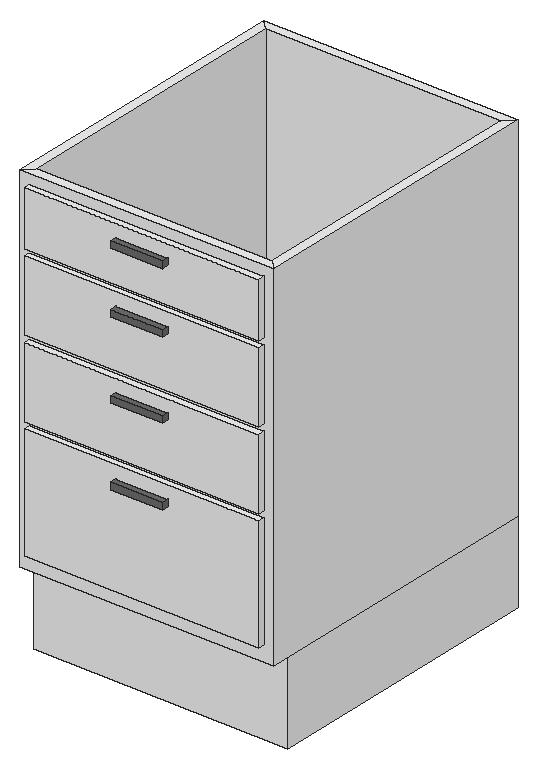
Revit family "Base Cabinet-4 Drawers (M)", category 케이스워크, Revit 2026
Family settings
  작업 기준면 기반 = 아니오
  항상 수직 = 예
  로드될 때 보이드를 사용하여 절단 = 아니오
  공유 = 아니오
  룸 계산 점 = 아니오
Parameters (values of type "500mm")
  기본 높이 = 0 mm
  Cabinet Material = none
  깊이 = 600 mm
  Door/Drawer Material = none
  Handle Material = Cabinets - Handles
  높이 = 860 mm
  Plinth Depth = 35 mm
  Plinth Height = 160 mm
  폭 = 500 mm
Types (3, lengths in mm): name | 폭
  (no name) | 500
  300mm | 300
  500mm | 500
Reference planes
  plane 1 "Back": y = 0
  plane 2: z = 0
  plane 3 "Center": x = 18.738
  plane 4 "Left": x = -231.262
  plane 5 "Right": x = 268.738
  plane 6 "Front": y = -600
  plane 7 "Top": z = 860
  plane 8: y = -565
  plane 9: z = 160
  plane 10: z = 840.95
  plane 11: z = 179.05
  plane 12: x = -212.212
  plane 13: x = 249.688
  plane 14: z = 720.3
  plane 15: x = -32.062
  plane 16: x = 69.538
  plane 17: z = 815.55
  plane 18: z = 802.85
  plane 19: z = 567.9
  plane 20: z = 415.5
  plane 21: z = 694.9
  plane 22: z = 682.2
  plane 23: z = 542.5
  plane 24: z = 529.8
  plane 25: z = 390.1
  plane 26: z = 377.4
Forms (mm)
  Extrusion 1, solid, material <- "Cabinet Material"
    sketch origin (0, 0, 0) x (1, 0, 0) y (0, 1, 0)
      loop
        line (-231.262, 0) -> (-231.262, -565) -> (268.738, -565) -> (268.738, 0) -> (-231.262, 0)
    from 0 to 160
  Sweep 2, solid, material <- "Cabinet Material"
    path origin (0, 0, 0) x (1, 0, 0) y (0, 1, 0)
      loop
        line (268.738, 0) -> (-231.262, 0) -> (-231.262, -600) -> (268.738, -600) -> (268.738, 0)
    profile origin (0, -300, 0) x (1, 0, 0) y (0, 0, 1)
      loop
        line (268.738, 160) -> (268.738, 860) -> (249.688, 860) -> (249.688, 160) -> (268.738, 160)
  Extrusion 3, solid, material <- "Cabinet Material"
    sketch origin (0, 0, 0) x (1, 0, 0) y (0, 1, 0)
      loop
        line (-212.212, -19.05) -> (-212.212, -580.95) -> (249.688, -580.95) -> (249.688, -19.05) -> (-212.212, -19.05)
    from 179.05 to 160
  Extrusion 4, solid, material <- "Door/Drawer Material"
    sketch origin (0, -600, 0) x (1, 0, 0) y (0, 0, 1)
      loop
        line (-212.212, 840.95) -> (-212.212, 733) -> (249.688, 733) -> (249.688, 840.95) -> (-212.212, 840.95)
      loop
        line (-212.212, 720.3) -> (-212.212, 580.6) -> (249.688, 580.6) -> (249.688, 720.3) -> (-212.212, 720.3)
      loop
        line (-212.212, 567.9) -> (-212.212, 428.2) -> (249.688, 428.2) -> (249.688, 567.9) -> (-212.212, 567.9)
      loop
        line (-212.212, 415.5) -> (-212.212, 191.75) -> (249.688, 191.75) -> (249.688, 415.5) -> (-212.212, 415.5)
    from 0 to 12.7
  Extrusion 5, solid, material "Cabinets - Handles" <- "Handle Material"
    sketch origin (0, -600, 0) x (1, 0, 0) y (0, 0, 1)
      loop
        line (-32.062, 815.55) -> (-32.062, 802.85) -> (69.538, 802.85) -> (69.538, 815.55) -> (-32.062, 815.55)
      loop
        line (-32.062, 694.9) -> (-32.062, 682.2) -> (69.538, 682.2) -> (69.538, 694.9) -> (-32.062, 694.9)
      loop
        line (-32.062, 542.5) -> (-32.062, 529.8) -> (69.538, 529.8) -> (69.538, 542.5) -> (-32.062, 542.5)
      loop
        line (-32.062, 390.1) -> (-32.062, 377.4) -> (69.538, 377.4) -> (69.538, 390.1) -> (-32.062, 390.1)
    from 12.7 to 25.4
Lines and regions (mm)
  symbolic lines, style "Plan Rep - Below"
    curve 1: line (268.738, -600, 0) -> (-231.262, -600, 0)
    curve 2: line (268.738, 0, 0) -> (268.738, -600, 0)
    curve 3: line (-231.262, 0, 0) -> (268.738, 0, 0)
    curve 4: line (-231.262, -600, 0) -> (-231.262, 0, 0)
  model lines
    curve 5: line (249.688, -600, 720.3) -> (-212.212, -600, 720.3)
    curve 6: line (-212.212, -600, 840.95) -> (249.688, -600, 840.95)
    curve 7: line (249.688, -600, 179.05) -> (-212.212, -600, 179.05)
    curve 8: line (249.688, -600, 840.95) -> (249.688, -600, 179.05)
    curve 9: line (-212.212, -600, 179.05) -> (-212.212, -600, 840.95)
    curve 10: line (-32.062, -600, 815.55) -> (69.538, -600, 815.55)
    curve 11: line (-32.062, -600, 802.85) -> (-32.062, -600, 815.55)
    curve 12: line (69.538, -600, 802.85) -> (-32.062, -600, 802.85)
    curve 13: line (69.538, -600, 815.55) -> (69.538, -600, 802.85)
    curve 14: line (-212.212, -600, 567.9) -> (249.688, -600, 567.9)
    curve 15: line (-32.062, -600, 694.9) -> (69.538, -600, 694.9)
    curve 16: line (-32.062, -600, 682.2) -> (-32.062, -600, 694.9)
    curve 17: line (69.538, -600, 682.2) -> (-32.062, -600, 682.2)
    curve 18: line (69.538, -600, 694.9) -> (69.538, -600, 682.2)
    curve 19: line (69.538, -600, 542.5) -> (-32.062, -600, 542.5)
    curve 20: line (69.538, -600, 529.8) -> (69.538, -600, 542.5)
    curve 21: line (-32.062, -600, 529.8) -> (69.538, -600, 529.8)
    curve 22: line (-32.062, -600, 542.5) -> (-32.062, -600, 529.8)
    curve 23: line (-212.212, -600, 415.5) -> (249.688, -600, 415.5)
    curve 24: line (69.538, -600, 390.1) -> (-32.062, -600, 390.1)
    curve 25: line (69.538, -600, 377.4) -> (69.538, -600, 390.1)
    curve 26: line (-32.062, -600, 377.4) -> (69.538, -600, 377.4)
    curve 27: line (-32.062, -600, 390.1) -> (-32.062, -600, 377.4)
Dimensions and locks
  "깊이": plane 6 "Front" to plane 1 "Back"
  "폭": plane 4 "Left" to plane 5 "Right"
  equal spacing: plane 4 "Left", plane 3 "Center", plane 5 "Right"
  "높이": level to plane 7 "Top"
  "Plinth Height": plane 2 to plane 9
  "Plinth Depth": plane 6 "Front" to plane 8
  locked: plane 4 "Left" to plane 12 at 19.05
  locked: plane 13 to plane 5 "Right" at 19.05
  locked: plane 7 "Top" to plane 10 at 19.05
  locked: plane 11 to plane 9 at 19.05
  plane 15 to plane 3 "Center" to plane 16 = 50.8 mm locked, 50.8 mm locked
  plane 10 to plane 17 to plane 18 = 25.4 mm locked, 12.7 mm locked
  plane 14 to plane 21 to plane 22 = 25.4 mm locked, 12.7 mm locked
  plane 19 to plane 23 to plane 24 = 25.4 mm locked, 12.7 mm locked
  plane 20 to plane 25 to plane 26 = 25.4 mm locked, 12.7 mm locked
  locked: plane 10 to plane 14 at 120.65
  locked: plane 14 to plane 19 at 152.4
  locked: plane 19 to plane 20 at 152.4
  aligned and locked: plane 1 "Back" to Extrusion 1 sketch curve
  aligned and locked: Extrusion 1 sketch curve to plane 5 "Right"
  aligned and locked: Extrusion 1 sketch curve to plane 8
  aligned and locked: plane 4 "Left" to Extrusion 1 sketch curve
  aligned and locked: Extrusion 1 to level
  aligned and locked: Sweep 2 sketch curve to plane 6 "Front"
  aligned and locked: plane 1 "Back" to Sweep 2 sketch curve
  aligned and locked: Sweep 2 sketch curve to plane 5 "Right"  (x2)
  aligned and locked: plane 4 "Left" to Sweep 2 sketch curve
  aligned and locked: plane 7 "Top" to Sweep 2 sketch curve
  aligned and locked: plane 9 to Sweep 2 sketch curve
  aligned and locked: Sweep 2 to Extrusion 3 sketch curve  (x2)
  aligned and locked: Extrusion 3 sketch curve to Sweep 2  (x2)
  aligned and locked: plane 11 to Extrusion 3
  aligned and locked: Extrusion 3 to plane 9
  aligned and locked: plane 9 to Extrusion 1
Automatic sketch dimensions
  profile plane to Sweep 2 sketch curve = 19.05 mm
  curve 1 to plane 4 "Left" = 0 mm
  curve 3 to plane 1 "Back" = 0 mm
  curve 3 to plane 5 "Right" = 0 mm
  curve 1 to plane 6 "Front" = 0 mm
  curve 8 to plane 10 = 0 mm
  curve 8 to plane 13 = 0 mm
  curve 24 to plane 16 = 0 mm
  curve 10 to plane 16 = 0 mm
  curve 20 to plane 16 = 0 mm
  curve 15 to plane 16 = 0 mm
  curve 11 to plane 15 = 0 mm
  curve 15 to plane 15 = 0 mm
  curve 19 to plane 15 = 0 mm
  curve 24 to plane 15 = 0 mm
  curve 14 to plane 12 = 0 mm
  curve 13 to plane 17 = 0 mm
  curve 13 to plane 18 = 0 mm
  curve 5 to plane 14 = 0 mm
  curve 16 to plane 21 = 0 mm
  curve 16 to plane 22 = 0 mm
  curve 14 to plane 19 = 0 mm
  curve 22 to plane 23 = 0 mm
  curve 20 to plane 24 = 0 mm
  curve 23 to plane 20 = 0 mm
  curve 24 to plane 25 = 0 mm
  curve 25 to plane 26 = 0 mm
  curve 7 to plane 11 = 0 mm
  Extrusion 4 sketch curve to plane 12 = 0 mm  (x4)
  Extrusion 4 sketch curve to plane 10 = 0 mm
  Extrusion 4 sketch curve to plane 13 = 0 mm  (x4)
  Extrusion 4 sketch curve to plane 20 = 0 mm
  Extrusion 4 sketch curve to plane 19 = 0 mm
  Extrusion 4 sketch curve to plane 14 = 0 mm
  Extrusion 4 sketch curve to plane 11 = 12.7 mm
  Extrusion 4 sketch curve to Extrusion 4 sketch curve = 12.7 mm  (x3)
  Extrusion 5 sketch curve to plane 15 = 0 mm  (x4)
  Extrusion 5 sketch curve to plane 16 = 0 mm  (x4)
  Extrusion 5 sketch curve to plane 26 = 0 mm
  Extrusion 5 sketch curve to plane 25 = 0 mm
  Extrusion 5 sketch curve to plane 24 = 0 mm
  Extrusion 5 sketch curve to plane 23 = 0 mm
  Extrusion 5 sketch curve to plane 22 = 0 mm
  Extrusion 5 sketch curve to plane 21 = 0 mm
  Extrusion 5 sketch curve to plane 18 = 0 mm
  Extrusion 5 sketch curve to plane 17 = 0 mm
